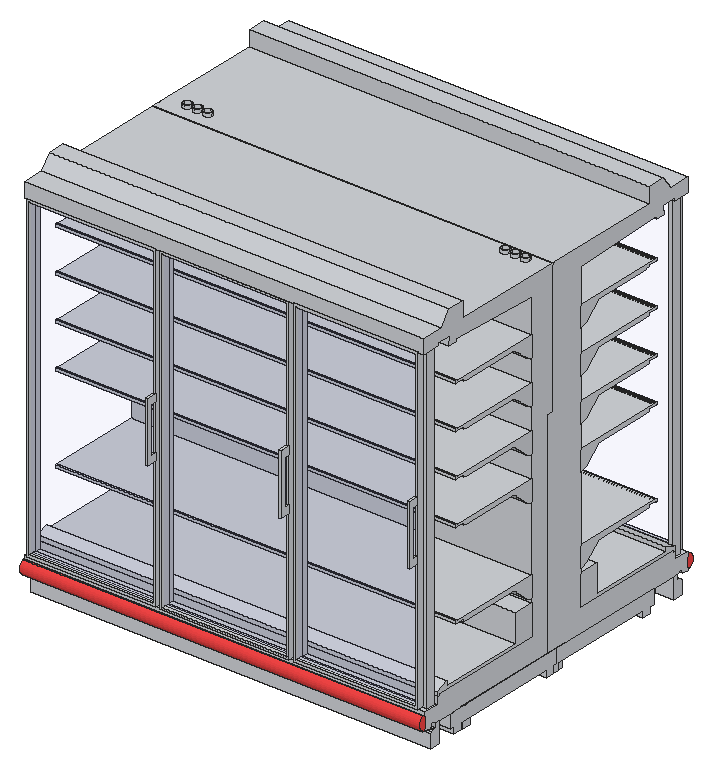
Revit family
Parameters (values of type "RLTI-4")
  URL = "www.hussmann.com"
  Model = "RLTI-4"
  Manufacturer = "HUSSMANN CORP"
  Description = "4-Door Reach-in Low Temp Island Case"
  Bumper Rail = none
  208v Elect. Def. Htrs. #2 = 15.4 A
  208v Elect. Def. Htrs. #1 = 15.4 A
  120v Lights (LED) #2 = 0.9 A
  120v Lights (LED) #1 = 0.9 A
  120v EE Fans (MCA) #2 = 8.13 A
  120v EE Fans (MCA) #1 = 8.13 A
  120v Drain Htrs.#2 = 2 A
  120v Drain Htrs.#1 = 2 A
Reference planes (in)
  plane 1 "Center (Front/Back)": y = 0
  plane 2: z = 0
  plane 3 "Center (Left/Right)": x = 0
  plane 4: x = 62
  plane 5: y = -39.57714
  plane 6: z = 4.75
  plane 7: x = 31
  plane 8: x = 30.5
  plane 9: x = 31.5
  plane 10: x = 0.5
  plane 11: x = 61.5
  plane 12: z = 82.75017
  plane 13: z = 8.25017
  plane 14: x = 30
  plane 15: x = 32
  plane 16: x = 1
  plane 17: x = 61
  plane 18: z = 8.75017
  plane 19: z = 82.25017
  plane 20: y = -38.32714
  plane 21: y = -36.45214
  plane 22: y = -40.6155
  plane 23: z = 89.00011
  plane 24: z = 86.00442
  plane 25: x = 122.875
  plane 26: x = 91.87738
  plane 27: x = 91.37738
  plane 28: x = 90.87738
  plane 29: y = 39.57714
  plane 30: y = 38.32714
  plane 31: y = 36.45214
  plane 32: y = 40.6155
  plane 33: x = 93
Forms (in)
  Extrusion 1, solid
    sketch origin (0, 0, 0) x (0, 1, 0) y (0, 0, 1)
      loop
        line (-30.75, 4.75) -> (-30.75, 1.556) -> (-29.691, 1.556) -> (-29.691, 0) -> (-27.799, 0) -> (-27.799, 1.556) -> (-2.895, 1.556) -> (-2.895, 0) -> (-1.003, 0) -> (-1.003, 1.556) -> (0, 1.556) -> (0, 4.75) -> (-30.75, 4.75)
    from 0 to 92.875
  Extrusion 2, solid
    sketch origin (122.875, -27.15671, 0) x (0, -1, 0) y (0, 0, 1)
      loop
        line (-65.19421, 8.25017) -> (-65.19421, 4.265) -> (-63.93181, 4.265) -> (-63.30681, 5.34753) -> (-62.27185, 4.75) -> (-24.59421, 4.75) -> (-24.59421, 54.406) -> (-26.22021, 54.406) -> (-26.22021, 85.375) -> (-54.22021, 85.375) -> (-54.22021, 89.00011) -> (-58.21441, 89.00011) -> (-60.31201, 86.00442) -> (-65.47205, 86.00442) -> (-65.47205, 82.75442) -> (-61.50218, 82.75442) -> (-61.50218, 83.34417) -> (-58.16, 83.34417) -> (-58.2499, 81.38621) -> (-56.252, 81.29448) -> (-56.21791, 82.03699) -> (-34.24106, 81.02795) -> (-34.24106, 10.27795) -> (-61.24106, 10.27795) -> (-61.24106, 9.94983) -> (-61.58218, 9.94983) -> (-61.58218, 8.25017) -> (-65.19421, 8.25017)
    from 30 to 122.875
  Extrusion 3, solid
    sketch origin (122.875, -2.5625, 0) x (-1, 0, 0) y (0, -1, 0)
      loop
        line (113, -36.707) -> (119, -36.707) -> (119, -35.86) -> (118, -35.86) -> (118, -30.528) -> (119, -30.528) -> (119, -29.778) -> (113, -29.778) -> (113, -30.528) -> (114, -30.528) -> (114, -35.86) -> (113, -35.86) -> (113, -36.707)
      loop
        line (82.4375, -36.707) -> (88.4375, -36.707) -> (88.4375, -35.86) -> (87.4375, -35.86) -> (87.4375, -30.528) -> (88.4375, -30.528) -> (88.4375, -29.778) -> (82.4375, -29.778) -> (82.4375, -30.528) -> (83.4375, -30.528) -> (83.4375, -35.86) -> (82.4375, -35.86) -> (82.4375, -36.707)
      loop
        line (34.4375, -36.707) -> (40.4375, -36.707) -> (40.4375, -35.86) -> (39.4375, -35.86) -> (39.4375, -30.528) -> (40.4375, -30.528) -> (40.4375, -29.778) -> (34.4375, -29.778) -> (34.4375, -30.528) -> (35.4375, -30.528) -> (35.4375, -35.86) -> (34.4375, -35.86) -> (34.4375, -36.707)
    from 0 to 4.639
  Extrusion 4, solid
    sketch origin (122.875, -27.15671, 0) x (0, -1, 0) y (0, 0, 1)
      loop
        line (-62.27185, 4.75) -> (-62.06521, 3.6869) -> (-62.74205, 3.6869) -> (-62.82224, 3.548) -> (-63.386, 3.34281) -> (-63.59421, 3.02219) -> (-63.59421, 0) -> (-61.30121, 0) -> (-61.30121, 4.75) -> (-62.27185, 4.75)
    from 30 to 122.875
  Extrusion 5, solid
    sketch origin (122.875, -27.15671, 0) x (0, -1, 0) y (0, 0, 1)
      loop
        line (-55.34421, 4.75) -> (-55.34421, 1.556) -> (-54.28521, 1.556) -> (-54.28521, 0) -> (-52.39321, 0) -> (-52.39321, 1.556) -> (-27.48921, 1.556) -> (-27.48921, 0) -> (-25.59721, 0) -> (-25.59721, 1.556) -> (-24.59421, 1.556) -> (-24.59421, 4.75) -> (-55.34421, 4.75)
    from 30 to 122.875
  Extrusion 6, solid
    sketch origin (122.875, -27.15671, 0) x (0, -1, 0) y (0, 0, 1)
      loop
        line (-34.24106, 10.27795) -> (-34.24106, 17.37517) -> (-38.88271, 17.37517) -> (-38.88271, 10.94933) -> (-59.05018, 10.94933) -> (-59.05018, 11.95641) -> (-61.60145, 10.94933) -> (-61.60145, 9.94933) -> (-61.23201, 9.94933) -> (-61.23201, 10.27795) -> (-34.24106, 10.27795)
    from 30 to 122.875
  Extrusion 7, solid
    sketch origin (122.875, -27.15671, 0) x (0, -1, 0) y (0, 0, 1)
      loop
        line (-34.24106, 23.17405) -> (-56.02401, 23.17405) -> (-56.02401, 23.3192) -> (-56.25771, 23.21022) -> (-56.25771, 22.58599) -> (-55.88546, 22.8665) -> (-55.70561, 22.74057) -> (-54.10407, 22.74057) -> (-54.10407, 22.24057) -> (-53.23342, 22.21017) -> (-53.23342, 22.11574) -> (-39.36068, 22.11574) -> (-35.58812, 18.8565) -> (-34.60082, 18.37496) -> (-34.24106, 18.37496) -> (-34.24106, 23.17405)
      loop
        line (-34.24106, 43.17405) -> (-56.02401, 43.17405) -> (-56.02401, 43.3192) -> (-56.25771, 43.21022) -> (-56.25771, 42.58599) -> (-55.88546, 42.8665) -> (-55.70561, 42.74057) -> (-54.10407, 42.74057) -> (-54.10407, 42.24057) -> (-53.23342, 42.21017) -> (-53.23342, 42.11574) -> (-39.36068, 42.11574) -> (-35.58812, 38.8565) -> (-34.60082, 38.37496) -> (-34.24106, 38.37496) -> (-34.24106, 43.17405)
      loop
        line (-34.24106, 53.17405) -> (-56.02401, 53.17405) -> (-56.02401, 53.3192) -> (-56.25771, 53.21022) -> (-56.25771, 52.58599) -> (-55.88546, 52.8665) -> (-55.70561, 52.74057) -> (-54.10407, 52.74057) -> (-54.10407, 52.24057) -> (-53.23342, 52.21017) -> (-53.23342, 52.11574) -> (-39.36068, 52.11574) -> (-35.58812, 48.8565) -> (-34.60082, 48.37496) -> (-34.24106, 48.37496) -> (-34.24106, 53.17405)
      loop
        line (-34.24106, 63.17405) -> (-56.02401, 63.17405) -> (-56.02401, 63.3192) -> (-56.25771, 63.21022) -> (-56.25771, 62.58599) -> (-55.88546, 62.8665) -> (-55.70561, 62.74057) -> (-54.10407, 62.74057) -> (-54.10407, 62.24057) -> (-53.23342, 62.21017) -> (-53.23342, 62.11574) -> (-39.36068, 62.11574) -> (-35.58812, 58.8565) -> (-34.60082, 58.37496) -> (-34.24106, 58.37496) -> (-34.24106, 63.17405)
      loop
        line (-34.24106, 73.17405) -> (-56.02401, 73.17405) -> (-56.02401, 73.3192) -> (-56.25771, 73.21022) -> (-56.25771, 72.58599) -> (-55.88546, 72.8665) -> (-55.70561, 72.74057) -> (-54.10407, 72.74057) -> (-54.10407, 72.24057) -> (-53.23342, 72.21017) -> (-53.23342, 72.11574) -> (-39.36068, 72.11574) -> (-35.58812, 68.8565) -> (-34.60082, 68.37496) -> (-34.24106, 68.37496) -> (-34.24106, 73.17405)
    from 30 to 122.875
  Extrusion 8, solid, material "Render Material 255-0-0"
    sketch origin (122.875, -27.15671, 0) x (0, -1, 0) y (0, 0, 1)
      loop
        line (-65.19421, 7.23837) -> (-65.66704, 7.7112) -> (-65.98665, 7.7112)
        arc (-65.98665, 7.7112) -> (-66.73385, 6.12628) -> (-65.98665, 4.54135) r 2.05454
        line (-65.98665, 4.54135) -> (-65.66829, 4.54135) -> (-65.19421, 5.01543) -> (-65.19421, 7.23837)
    from 30 to 122.875
  Extrusion 9, solid
    sketch origin (92.375, -2.46743, 0) x (0, -1, 0) y (0, 0, 1)
      loop
        line (-38.8929, 82.75442) -> (-38.8929, 8.25017) -> (-36.98797, 8.25017) -> (-36.98797, 82.75442) -> (-38.8929, 82.75442)
    from 0 to 1
  Extrusion 10, solid
    sketch origin (91.875, -2.5625, 0) x (-1, 0, 0) y (0, 0, 1)
      loop
        line (0.5, 8.25017) -> (30.5, 8.25017) -> (30.5, 82.75442) -> (0.5, 82.75442) -> (0.5, 8.25017)
      loop
        line (1, 8.75017) -> (30, 8.75017) -> (30, 82.25017) -> (1, 82.25017) -> (1, 8.75017)
    from 39 to 40.87784
  Extrusion 11, solid, material "Glass"
    sketch origin (91.875, -2.5625, 0) x (-1, 0, 0) y (0, 0, 1)
      loop
        line (1, 8.75017) -> (30, 8.75017) -> (30, 82.25017) -> (1, 82.25017) -> (1, 8.75017)
    from 39.65088 to 40.28076
  Extrusion 12, solid
    sketch origin (84.375, -2.5625, 0) x (-1, 0, 0) y (0, -1, 0)
      loop
        circle (38.125, -34.62535) r 0.625
      loop
        circle (38.125, -34.62535) r 0.5578
    from 3.875 to 4.75
  Extrusion 13, solid
    sketch origin (62, -2.5625, 0) x (-1, 0, 0) y (0, -1, 0)
      loop
        circle (57.125, -5.5) r 0.9375
      loop
        circle (57.125, -5.5) r 0.84894
    from 85.375 to 86.00442
  Extrusion 14, solid
    sketch origin (64.375, -2.5625, 0) x (-1, 0, 0) y (0, -1, 0)
      loop
        circle (57.125, -5.5) r 0.9375
      loop
        circle (57.125, -5.5) r 0.84894
    from 85.375 to 86.00442
  Extrusion 15, solid
    sketch origin (66.75, -2.5625, 0) x (-1, 0, 0) y (0, -1, 0)
      loop
        circle (57.125, -5.5) r 0.9375
      loop
        circle (57.125, -5.5) r 0.84894
    from 85.36717 to 86
  Extrusion 16, solid
    sketch origin (85.75, -0.8125, 0) x (-1, 0, 0) y (0, -1, 0)
      loop
        circle (2.75, -29.626) r 0.5
      loop
        circle (2.75, -29.626) r 0.47014
    from 3.875 to 4.75
  Extrusion 17, solid
    sketch origin (83.25, -0.8125, 0) x (-1, 0, 0) y (0, -1, 0)
      loop
        circle (2.75, -29.626) r 0.5
      loop
        circle (2.75, -29.626) r 0.47014
    from 3.875 to 4.75
  Extrusion 18, solid
    sketch origin (80.75, -0.8125, 0) x (-1, 0, 0) y (0, -1, 0)
      loop
        circle (2.75, -29.626) r 0.5
      loop
        circle (2.75, -29.626) r 0.47014
    from 3.875 to 4.75
  Extrusion 19, solid
    sketch origin (0.5, -2.5256, 0) x (0, -1, 0) y (0, 0, 1)
      loop
        line (-38.8929, 82.75442) -> (-38.8929, 8.25017) -> (-36.98797, 8.25017) -> (-36.98797, 82.75442) -> (-38.8929, 82.75442)
    from 0 to 0.5
  Extrusion 20, solid
    sketch origin (31, -2.5625, 0) x (-1, 0, 0) y (0, 0, 1)
      loop
        line (0.5, 8.25017) -> (30.5, 8.25017) -> (30.5, 82.75442) -> (0.5, 82.75442) -> (0.5, 8.25017)
      loop
        line (1, 8.75017) -> (30, 8.75017) -> (30, 82.25017) -> (1, 82.25017) -> (1, 8.75017)
    from 39 to 40.87784
  Extrusion 21, solid, material "Glass"
    sketch origin (31, -2.5625, 0) x (-1, 0, 0) y (0, 0, 1)
      loop
        line (1, 8.75017) -> (30, 8.75017) -> (30, 82.25017) -> (1, 82.25017) -> (1, 8.75017)
    from 39.65088 to 40.28076
  Extrusion 22, solid
    sketch origin (62, -2.59803, 0) x (0, -1, 0) y (0, 0, 1)
      loop
        line (-40.875, 52.65143) -> (-43.16337, 52.65143) -> (-43.16337, 38.65143) -> (-40.87784, 38.65143) -> (-40.87784, 40.40143) -> (-42.26191, 40.40143) -> (-42.26191, 50.90143) -> (-40.875, 50.90143) -> (-40.875, 52.65143)
    from 30 to 30.5
  Extrusion 23, solid
    sketch origin (61.375, -2.46743, 0) x (0, -1, 0) y (0, 0, 1)
      loop
        line (-38.8929, 82.75442) -> (-38.8929, 8.25017) -> (-36.98797, 8.25017) -> (-36.98797, 82.75442) -> (-38.8929, 82.75442)
    from 0 to 1
  Extrusion 24, solid
    sketch origin (60.875, -2.5625, 0) x (-1, 0, 0) y (0, 0, 1)
      loop
        line (0.5, 8.25017) -> (29.37738, 8.25017) -> (29.37738, 82.75442) -> (0.5, 82.75442) -> (0.5, 8.25017)
      loop
        line (1, 8.75017) -> (28.87738, 8.75017) -> (28.87738, 82.25017) -> (1, 82.25017) -> (1, 8.75017)
    from 39 to 40.87784
  Extrusion 25, solid, material "Glass"
    sketch origin (60.875, -2.5625, 0) x (-1, 0, 0) y (0, 0, 1)
      loop
        line (1, 8.75017) -> (28.87738, 8.75017) -> (28.87738, 82.25017) -> (1, 82.25017) -> (1, 8.75017)
    from 39.65088 to 40.28076
  Extrusion 26, solid
    sketch origin (91.875, -2.59803, 0) x (0, -1, 0) y (0, 0, 1)
      loop
        line (-40.875, 52.65143) -> (-43.16337, 52.65143) -> (-43.16337, 38.65143) -> (-40.87784, 38.65143) -> (-40.87784, 40.40143) -> (-42.26191, 40.40143) -> (-42.26191, 50.90143) -> (-40.875, 50.90143) -> (-40.875, 52.65143)
    from 30 to 30.5
  Extrusion 27, solid
    sketch origin (31.49762, -2.0676, 0) x (0, -1, 0) y (0, 0, 1)
      loop
        line (-38.8929, 82.75442) -> (-38.8929, 8.25017) -> (-36.98797, 8.25017) -> (-36.98797, 82.75442) -> (-38.8929, 82.75442)
    from 0 to 1
  Extrusion 28, solid
    sketch origin (31, -2.59803, 0) x (0, -1, 0) y (0, 0, 1)
      loop
        line (-40.875, 52.65143) -> (-43.16337, 52.65143) -> (-43.16337, 38.65143) -> (-40.87784, 38.65143) -> (-40.87784, 40.40143) -> (-42.26191, 40.40143) -> (-42.26191, 50.90143) -> (-40.875, 50.90143) -> (-40.875, 52.65143)
    from 30 to 30.5
  Extrusion 29, solid
    sketch origin (0, 2.5625, 0) x (0, 1, 0) y (0, 0, 1)
      loop
        line (-40.6, 8.25017) -> (-40.6, 4.265) -> (-39.3376, 4.265) -> (-38.7126, 5.34753) -> (-37.67764, 4.75) -> (0, 4.75) -> (0, 54.406) -> (-1.626, 54.406) -> (-1.626, 85.375) -> (-29.626, 85.375) -> (-29.626, 89.00011) -> (-33.6202, 89.00011) -> (-35.7178, 86.00442) -> (-40.87784, 86.00442) -> (-40.87784, 82.75442) -> (-36.90797, 82.75442) -> (-36.90797, 83.34417) -> (-33.56579, 83.34417) -> (-33.65569, 81.38621) -> (-31.65779, 81.29448) -> (-31.6237, 82.03699) -> (-9.64685, 81.02795) -> (-9.64685, 10.27795) -> (-36.64685, 10.27795) -> (-36.64685, 9.94983) -> (-36.98797, 9.94983) -> (-36.98797, 8.25017) -> (-40.6, 8.25017)
    from 0 to 92.875
  Extrusion 30, solid
    sketch origin (0, 2.5625, 0) x (1, 0, 0) y (0, 1, 0)
      loop
        line (4, -36.707) -> (10, -36.707) -> (10, -35.86) -> (9, -35.86) -> (9, -30.528) -> (10, -30.528) -> (10, -29.778) -> (4, -29.778) -> (4, -30.528) -> (5, -30.528) -> (5, -35.86) -> (4, -35.86) -> (4, -36.707)
      loop
        line (82.4375, -36.707) -> (88.4375, -36.707) -> (88.4375, -35.86) -> (87.4375, -35.86) -> (87.4375, -30.528) -> (88.4375, -30.528) -> (88.4375, -29.778) -> (82.4375, -29.778) -> (82.4375, -30.528) -> (83.4375, -30.528) -> (83.4375, -35.86) -> (82.4375, -35.86) -> (82.4375, -36.707)
      loop
        line (34.4375, -36.707) -> (40.4375, -36.707) -> (40.4375, -35.86) -> (39.4375, -35.86) -> (39.4375, -30.528) -> (40.4375, -30.528) -> (40.4375, -29.778) -> (34.4375, -29.778) -> (34.4375, -30.528) -> (35.4375, -30.528) -> (35.4375, -35.86) -> (34.4375, -35.86) -> (34.4375, -36.707)
    from 0 to 4.639
  Extrusion 31, solid
    sketch origin (0, 2.5625, 0) x (0, 1, 0) y (0, 0, 1)
      loop
        line (-37.67764, 4.75) -> (-37.471, 3.6869) -> (-38.14784, 3.6869) -> (-38.22804, 3.548) -> (-38.79179, 3.34281) -> (-39, 3.02219) -> (-39, 0) -> (-36.707, 0) -> (-36.707, 4.75) -> (-37.67764, 4.75)
    from 0 to 92.875
  Extrusion 32, solid
    sketch origin (0, 2.5625, 0) x (0, 1, 0) y (0, 0, 1)
      loop
        line (-30.75, 4.75) -> (-30.75, 1.556) -> (-29.691, 1.556) -> (-29.691, 0) -> (-27.799, 0) -> (-27.799, 1.556) -> (-2.895, 1.556) -> (-2.895, 0) -> (-1.003, 0) -> (-1.003, 1.556) -> (0, 1.556) -> (0, 4.75) -> (-30.75, 4.75)
    from 0 to 92.875
  Extrusion 33, solid
    sketch origin (0, 2.5625, 0) x (0, 1, 0) y (0, 0, 1)
      loop
        line (-9.64685, 10.27795) -> (-9.64685, 17.37517) -> (-14.2885, 17.37517) -> (-14.2885, 10.94933) -> (-34.45597, 10.94933) -> (-34.45597, 11.95641) -> (-37.00724, 10.94933) -> (-37.00724, 9.94933) -> (-36.6378, 9.94933) -> (-36.6378, 10.27795) -> (-9.64685, 10.27795)
    from 0 to 92.875
  Extrusion 34, solid
    sketch origin (0, 2.5625, 0) x (0, 1, 0) y (0, 0, 1)
      loop
        line (-9.64685, 23.17405) -> (-31.4298, 23.17405) -> (-31.4298, 23.3192) -> (-31.6635, 23.21022) -> (-31.6635, 22.58599) -> (-31.29125, 22.8665) -> (-31.11141, 22.74057) -> (-29.50986, 22.74057) -> (-29.50986, 22.24057) -> (-28.63922, 22.21017) -> (-28.63922, 22.11574) -> (-14.76647, 22.11574) -> (-10.99391, 18.8565) -> (-10.00662, 18.37496) -> (-9.64685, 18.37496) -> (-9.64685, 23.17405)
      loop
        line (-9.64685, 43.17405) -> (-31.4298, 43.17405) -> (-31.4298, 43.3192) -> (-31.6635, 43.21022) -> (-31.6635, 42.58599) -> (-31.29125, 42.8665) -> (-31.11141, 42.74057) -> (-29.50986, 42.74057) -> (-29.50986, 42.24057) -> (-28.63922, 42.21017) -> (-28.63922, 42.11574) -> (-14.76647, 42.11574) -> (-10.99391, 38.8565) -> (-10.00662, 38.37496) -> (-9.64685, 38.37496) -> (-9.64685, 43.17405)
      loop
        line (-9.64685, 53.17405) -> (-31.4298, 53.17405) -> (-31.4298, 53.3192) -> (-31.6635, 53.21022) -> (-31.6635, 52.58599) -> (-31.29125, 52.8665) -> (-31.11141, 52.74057) -> (-29.50986, 52.74057) -> (-29.50986, 52.24057) -> (-28.63922, 52.21017) -> (-28.63922, 52.11574) -> (-14.76647, 52.11574) -> (-10.99391, 48.8565) -> (-10.00662, 48.37496) -> (-9.64685, 48.37496) -> (-9.64685, 53.17405)
      loop
        line (-9.64685, 63.17405) -> (-31.4298, 63.17405) -> (-31.4298, 63.3192) -> (-31.6635, 63.21022) -> (-31.6635, 62.58599) -> (-31.29125, 62.8665) -> (-31.11141, 62.74057) -> (-29.50986, 62.74057) -> (-29.50986, 62.24057) -> (-28.63922, 62.21017) -> (-28.63922, 62.11574) -> (-14.76647, 62.11574) -> (-10.99391, 58.8565) -> (-10.00662, 58.37496) -> (-9.64685, 58.37496) -> (-9.64685, 63.17405)
      loop
        line (-9.64685, 73.17405) -> (-31.4298, 73.17405) -> (-31.4298, 73.3192) -> (-31.6635, 73.21022) -> (-31.6635, 72.58599) -> (-31.29125, 72.8665) -> (-31.11141, 72.74057) -> (-29.50986, 72.74057) -> (-29.50986, 72.24057) -> (-28.63922, 72.21017) -> (-28.63922, 72.11574) -> (-14.76647, 72.11574) -> (-10.99391, 68.8565) -> (-10.00662, 68.37496) -> (-9.64685, 68.37496) -> (-9.64685, 73.17405)
    from 0 to 92.875
  Extrusion 35, solid, material "Render Material 255-0-0"
    sketch origin (0, 2.5625, 0) x (0, 1, 0) y (0, 0, 1)
      loop
        line (-40.6, 7.23837) -> (-41.07283, 7.7112) -> (-41.39244, 7.7112)
        arc (-41.39244, 7.7112) -> (-42.13964, 6.12628) -> (-41.39244, 4.54135) r 2.05454
        line (-41.39244, 4.54135) -> (-41.07408, 4.54135) -> (-40.6, 5.01543) -> (-40.6, 7.23837)
    from 0 to 92.875
  Extrusion 36, solid
    sketch origin (0, 2.5625, 0) x (0, 1, 0) y (0, 0, 1)
      loop
        line (-38.8929, 82.75442) -> (-38.8929, 8.25017) -> (-36.98797, 8.25017) -> (-36.98797, 82.75442) -> (-38.8929, 82.75442)
    from 0 to 0.5
  Extrusion 37, solid
    sketch origin (30.5, 2.46743, 0) x (0, 1, 0) y (0, 0, 1)
      loop
        line (-38.8929, 82.75442) -> (-38.8929, 8.25017) -> (-36.98797, 8.25017) -> (-36.98797, 82.75442) -> (-38.8929, 82.75442)
    from 0 to 1
  Extrusion 38, solid
    sketch origin (0, 2.5625, 0) x (1, 0, 0) y (0, 0, 1)
      loop
        line (0.5, 8.25017) -> (30.5, 8.25017) -> (30.5, 82.75442) -> (0.5, 82.75442) -> (0.5, 8.25017)
      loop
        line (1, 8.75017) -> (30, 8.75017) -> (30, 82.25017) -> (1, 82.25017) -> (1, 8.75017)
    from 39 to 40.87784
  Extrusion 39, solid, material "Glass"
    sketch origin (0, 2.5625, 0) x (1, 0, 0) y (0, 0, 1)
      loop
        line (1, 8.75017) -> (30, 8.75017) -> (30, 82.25017) -> (1, 82.25017) -> (1, 8.75017)
    from 39.65088 to 40.28076
  Extrusion 40, solid
    sketch origin (31, 2.5625, 0) x (1, 0, 0) y (0, 0, 1)
      loop
        line (0.5, 8.25017) -> (30.5, 8.25017) -> (30.5, 82.75442) -> (0.5, 82.75442) -> (0.5, 8.25017)
      loop
        line (1, 8.75017) -> (30, 8.75017) -> (30, 82.25017) -> (1, 82.25017) -> (1, 8.75017)
    from 39 to 40.87784
  Extrusion 41, solid, material "Glass"
    sketch origin (31, 2.5625, 0) x (1, 0, 0) y (0, 0, 1)
      loop
        line (1, 8.75017) -> (30, 8.75017) -> (30, 82.25017) -> (1, 82.25017) -> (1, 8.75017)
    from 39.65088 to 40.28076
  Extrusion 42, solid
    sketch origin (0, 2.5625, 0) x (0, 1, 0) y (0, 0, 1)
      loop
        line (-40.875, 52.65143) -> (-43.16337, 52.65143) -> (-43.16337, 38.65143) -> (-40.87784, 38.65143) -> (-40.87784, 40.40143) -> (-42.26191, 40.40143) -> (-42.26191, 50.90143) -> (-40.875, 50.90143) -> (-40.875, 52.65143)
    from 30 to 30.5
  Extrusion 43, solid
    sketch origin (38.5, 2.5625, 0) x (1, 0, 0) y (0, 1, 0)
      loop
        circle (38.125, -34.62535) r 0.625
      loop
        circle (38.125, -34.62535) r 0.5578
    from 3.875 to 4.75
  Extrusion 44, solid
    sketch origin (31, 2.5625, 0) x (1, 0, 0) y (0, 1, 0)
      loop
        circle (57.125, -5.5) r 0.9375
      loop
        circle (57.125, -5.5) r 0.84894
    from 85.375 to 86.00442
  Extrusion 45, solid
    sketch origin (28.625, 2.5625, 0) x (1, 0, 0) y (0, 1, 0)
      loop
        circle (57.125, -5.5) r 0.9375
      loop
        circle (57.125, -5.5) r 0.84894
    from 85.375 to 86.00442
  Extrusion 46, solid
    sketch origin (26.25, 2.5625, 0) x (1, 0, 0) y (0, 1, 0)
      loop
        circle (57.125, -5.5) r 0.9375
      loop
        circle (57.125, -5.5) r 0.84894
    from 85.36717 to 86
  Extrusion 47, solid
    sketch origin (7.25, 0.8125, 0) x (1, 0, 0) y (0, 1, 0)
      loop
        circle (2.75, -29.626) r 0.5
      loop
        circle (2.75, -29.626) r 0.47014
    from 3.875 to 4.75
  Extrusion 48, solid
    sketch origin (9.75, 0.8125, 0) x (1, 0, 0) y (0, 1, 0)
      loop
        circle (2.75, -29.626) r 0.5
      loop
        circle (2.75, -29.626) r 0.47014
    from 3.875 to 4.75
  Extrusion 49, solid
    sketch origin (12.25, 0.8125, 0) x (1, 0, 0) y (0, 1, 0)
      loop
        circle (2.75, -29.626) r 0.5
      loop
        circle (2.75, -29.626) r 0.47014
    from 3.875 to 4.75
  Extrusion 50, solid
    sketch origin (75.25, 0.8125, 0) x (1, 0, 0) y (0, 1, 0)
      loop
        circle (2.75, -29.626) r 0.5
      loop
        circle (2.75, -29.626) r 0.47014
    from 3.875 to 4.75
  Extrusion 51, solid
    sketch origin (77.75, 0.8125, 0) x (1, 0, 0) y (0, 1, 0)
      loop
        circle (2.75, -29.626) r 0.5
      loop
        circle (2.75, -29.626) r 0.47014
    from 3.875 to 4.75
  Extrusion 52, solid
    sketch origin (80.25, 0.8125, 0) x (1, 0, 0) y (0, 1, 0)
      loop
        circle (2.75, -29.626) r 0.5
      loop
        circle (2.75, -29.626) r 0.47014
    from 3.875 to 4.75
  Extrusion 53, solid
    sketch origin (60.875, 2.59803, 0) x (0, 1, 0) y (0, 0, 1)
      loop
        line (-40.875, 52.65143) -> (-43.16337, 52.65143) -> (-43.16337, 38.65143) -> (-40.87784, 38.65143) -> (-40.87784, 40.40143) -> (-42.26191, 40.40143) -> (-42.26191, 50.90143) -> (-40.875, 50.90143) -> (-40.875, 52.65143)
    from 30 to 30.5
  Extrusion 54, solid
    sketch origin (61.5, 2.46743, 0) x (0, 1, 0) y (0, 0, 1)
      loop
        line (-38.8929, 82.75442) -> (-38.8929, 8.25017) -> (-36.98797, 8.25017) -> (-36.98797, 82.75442) -> (-38.8929, 82.75442)
    from 0 to 1
  Extrusion 55, solid
    sketch origin (62, 2.5625, 0) x (1, 0, 0) y (0, 0, 1)
      loop
        line (0.5, 8.25017) -> (29.37738, 8.25017) -> (29.37738, 82.75442) -> (0.5, 82.75442) -> (0.5, 8.25017)
      loop
        line (1, 8.75017) -> (28.87738, 8.75017) -> (28.87738, 82.25017) -> (1, 82.25017) -> (1, 8.75017)
    from 39 to 40.87784
  Extrusion 56, solid, material "Glass"
    sketch origin (62, 2.5625, 0) x (1, 0, 0) y (0, 0, 1)
      loop
        line (1, 8.75017) -> (28.87738, 8.75017) -> (28.87738, 82.25017) -> (1, 82.25017) -> (1, 8.75017)
    from 39.65088 to 40.28076
  Extrusion 57, solid
    sketch origin (31, 2.59803, 0) x (0, 1, 0) y (0, 0, 1)
      loop
        line (-40.875, 52.65143) -> (-43.16337, 52.65143) -> (-43.16337, 38.65143) -> (-40.87784, 38.65143) -> (-40.87784, 40.40143) -> (-42.26191, 40.40143) -> (-42.26191, 50.90143) -> (-40.875, 50.90143) -> (-40.875, 52.65143)
    from 30 to 30.5
  Extrusion 58, solid
    sketch origin (91.37738, 2.0676, 0) x (0, 1, 0) y (0, 0, 1)
      loop
        line (-38.8929, 82.75442) -> (-38.8929, 8.25017) -> (-36.98797, 8.25017) -> (-36.98797, 82.75442) -> (-38.8929, 82.75442)
    from 0 to 1
Dimensions and locks (in)
  plane 20 to plane 1 "Center (Front/Back)" = 3' - 2.32714"
  plane 21 to plane 1 "Center (Front/Back)" = 3' - 0.45214"
  plane 5 to plane 1 "Center (Front/Back)" = 3' - 3.57714"
  plane 24 to level = 7' - 2.00442"
  plane 23 to level = 7' - 5.00011"
  plane 3 "Center (Left/Right)" to plane 25 = 10' - 2 7/8"
  plane 5 to plane 29 = 6' - 7.15427"  (x2)
  plane 20 to plane 30 = 6' - 4.65427"
  aligned and locked: Extrusion 11 sketch curve to Extrusion 10  (x3)
  aligned and locked: Extrusion 10 to Extrusion 11 sketch curve
  aligned and locked: Extrusion 21 sketch curve to Extrusion 20  (x3)
  aligned and locked: Extrusion 20 to Extrusion 21 sketch curve
  aligned and locked: Extrusion 25 sketch curve to Extrusion 24  (x3)
  aligned and locked: Extrusion 24 to Extrusion 25 sketch curve
  aligned and locked: Extrusion 36 sketch curve to Extrusion 29  (x2)
  aligned and locked: Extrusion 36 to Extrusion 38 sketch curve  (x2)
  aligned and locked: Extrusion 38 sketch curve to Extrusion 37  (x2)
  aligned and locked: Extrusion 29 to Extrusion 38
  aligned and locked: Extrusion 39 sketch curve to Extrusion 38  (x3)
  aligned and locked: Extrusion 38 to Extrusion 39 sketch curve
  aligned and locked: Extrusion 41 sketch curve to Extrusion 40  (x3)
  aligned and locked: Extrusion 40 to Extrusion 41 sketch curve
  aligned and locked: Extrusion 56 sketch curve to Extrusion 55  (x3)
  aligned and locked: Extrusion 55 to Extrusion 56 sketch curve
  aligned and locked: Extrusion 29 to Extrusion 1
  aligned and locked: Extrusion 1 to Extrusion 34
  aligned and locked: Extrusion 1 to Extrusion 32
  aligned and locked: Extrusion 35 to Extrusion 1
  aligned and locked: Extrusion 1 to Extrusion 7
  aligned and locked: Extrusion 1 to Extrusion 6
  aligned and locked: Extrusion 1 to Extrusion 2
  aligned and locked: Extrusion 1 to Extrusion 8
Connectors (in)
  piping at (4.875, 2.9375, 85.375)
    settings: on Extrusion 13, index 11, connector radius 7/8", flow factor 0, pipe flow 0 GPM, pressure drop 0.00 psi, fitting loss kfactor 0, connector angle 0.00°, fixture units 0, flow configuration 0, flow direction 2, fitting loss method 0, system type 22, connector reference index -1, connector utility 0, adjustable connector no, is connector primary yes, fitting loss table "", connector description "Refrig. Suction"
  piping at (7.25, 2.9375, 85.375)
    settings: on Extrusion 14, index 12, connector radius 3/8", flow factor 0, pipe flow 0 GPM, pressure drop 0.00 psi, fitting loss kfactor 0, connector angle 0.00°, fixture units 0, flow configuration 0, flow direction 1, fitting loss method 0, system type 22, connector reference index -1, connector utility 0, adjustable connector no, is connector primary no, fitting loss table "", connector description "Refrig. Liquid"
  piping at (9.625, 2.9375, 86)
    settings: on Extrusion 15, index 13, connector radius 7/8", flow factor 0, pipe flow 0 GPM, pressure drop 0.00 psi, fitting loss kfactor 0, connector angle 0.00°, fixture units 0, flow configuration 0, flow direction 1, fitting loss method 0, system type 22, connector reference index -1, connector utility 0, adjustable connector no, is connector primary no, fitting loss table "", connector description "Refrig. Gas"
  electrical at (83, 28.8135, 3.875)
    settings: on Extrusion 16, index 14, voltage 208 V, apparent load 0 VA, apparent load phase1 0 VA, apparent load phase2 0 VA, apparent load phase3 0 VA, power factor 1, load classification "Power", number of poles 1, system type 30, power factor state 1, is connector primary yes, connector utility no, sub classification motor no, connector description ""
  electrical at (80.5, 28.8135, 3.875)
    settings: on Extrusion 17, index 15, voltage 120 V, apparent load 0 VA, apparent load phase1 0 VA, apparent load phase2 0 VA, apparent load phase3 0 VA, power factor 1, load classification "Power", number of poles 1, system type 30, power factor state 1, is connector primary no, connector utility no, sub classification motor no, connector description ""
  electrical at (78, 28.8135, 3.875)
    settings: on Extrusion 18, index 16, voltage 0 V, apparent load 0 VA, apparent load phase1 0 VA, apparent load phase2 0 VA, apparent load phase3 0 VA, power factor 1, load classification "Other", number of poles 1, system type 13, power factor state 1, is connector primary no, connector utility no, sub classification motor no, connector description ""
  piping at (46.25, 32.06285, 3.875)
    settings: on Extrusion 12, index 20, connector radius 1 1/4", flow factor 0, pipe flow 0 GPM, pressure drop 0.00 psi, fitting loss kfactor 0, connector angle 0.00°, fixture units 0, flow configuration 0, flow direction 2, fitting loss method 0, system type 16, connector reference index -1, connector utility 0, adjustable connector no, is connector primary no, fitting loss table "", connector description ""
  piping at (88.125, -2.9375, 85.375)
    settings: on Extrusion 44, index 31, connector radius 7/8", flow factor 0, pipe flow 0 GPM, pressure drop 0.00 psi, fitting loss kfactor 0, connector angle 0.00°, fixture units 0, flow configuration 0, flow direction 2, fitting loss method 0, system type 22, connector reference index -1, connector utility 0, adjustable connector no, is connector primary no, fitting loss table "", connector description "Refrig. Suction"
  piping at (85.75, -2.9375, 85.375)
    settings: on Extrusion 45, index 32, connector radius 3/8", flow factor 0, pipe flow 0 GPM, pressure drop 0.00 psi, fitting loss kfactor 0, connector angle 0.00°, fixture units 0, flow configuration 0, flow direction 1, fitting loss method 0, system type 22, connector reference index -1, connector utility 0, adjustable connector no, is connector primary no, fitting loss table "", connector description "Refrig. Liquid"
  piping at (83.375, -2.9375, 86)
    settings: on Extrusion 46, index 33, connector radius 7/8", flow factor 0, pipe flow 0 GPM, pressure drop 0.00 psi, fitting loss kfactor 0, connector angle 0.00°, fixture units 0, flow configuration 0, flow direction 1, fitting loss method 0, system type 22, connector reference index -1, connector utility 0, adjustable connector no, is connector primary no, fitting loss table "", connector description "Refrig. Gas"
  electrical at (10, -28.8135, 3.875)
    settings: on Extrusion 47, index 34, voltage 208 V, apparent load 0 VA, apparent load phase1 0 VA, apparent load phase2 0 VA, apparent load phase3 0 VA, power factor 1, load classification "Power", number of poles 1, system type 30, power factor state 1, is connector primary no, connector utility no, sub classification motor no, connector description ""
  electrical at (12.5, -28.8135, 3.875)
    settings: on Extrusion 48, index 35, voltage 120 V, apparent load 0 VA, apparent load phase1 0 VA, apparent load phase2 0 VA, apparent load phase3 0 VA, power factor 1, load classification "Power", number of poles 1, system type 30, power factor state 1, is connector primary no, connector utility no, sub classification motor no, connector description ""
  electrical at (15, -28.8135, 3.875)
    settings: on Extrusion 49, index 36, voltage 0 V, apparent load 0 VA, apparent load phase1 0 VA, apparent load phase2 0 VA, apparent load phase3 0 VA, power factor 1, load classification "Other", number of poles 1, system type 13, power factor state 1, is connector primary no, connector utility no, sub classification motor no, connector description ""
  piping at (76.625, -32.06285, 3.875)
    settings: on Extrusion 43, index 40, connector radius 1 1/4", flow factor 0, pipe flow 0 GPM, pressure drop 0.00 psi, fitting loss kfactor 0, connector angle 0.00°, fixture units 0, flow configuration 0, flow direction 2, fitting loss method 0, system type 16, connector reference index -1, connector utility 0, adjustable connector no, is connector primary no, fitting loss table "", connector description ""
